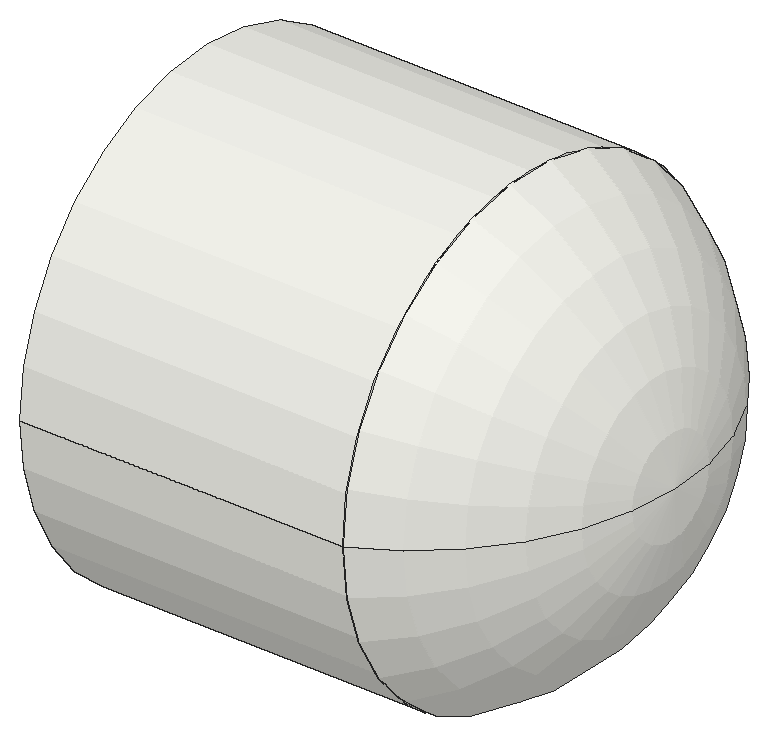
Revit family "Cap", category Pipe Fittings, Revit 2025
Family settings
  Round Connector Dimension = Use Radius
  Part Type = Cap
  OmniClass Number = 23.60.30.11.14
  OmniClass Title = Pipework Fittings
  Work Plane-Based = No
  Always vertical = Yes
  Cut with Voids When Loaded = No
  Shared = No
Parameters
  Socket Length [instance] = size_lookup(Lookup Table Name, "SLgt", 0.44 * Nominal Diameter + 161/256", Nominal Diameter)  # 3/4"
  Radius 1 [instance] = (Height - Socket Length) / 2 + 0.5 * (Socket Outside Radius ^ 2) / (Height - Socket Length)  # 0.6068"
  Nominal Radius [instance] = 1/4"
  Nominal Diameter [instance] = Nominal Radius * 2  # 1/2"
  Loss Method = Not Defined
  Lookup Table Name = "Cap - PVC - Sch 40"
  Length 1 [instance] = sqrt((Radius 1 - (Height - Socket Length)) ^ 2 + Socket Outside Radius ^ 2)  # 0.6068"
  Height [instance] = size_lookup(Lookup Table Name, "Hgt", 0.67 * Nominal Diameter + 215/256", Nominal Diameter)  # 1.09"
  Socket Outside Radius [instance] = Socket Outside Diameter / 2  # 0.545"
  Socket Outside Diameter [instance] = size_lookup(Lookup Table Name, "SOD", 1.11 * Nominal Diameter + 69/128", Nominal Diameter)  # 1.09"
  Default Elevation = 0.000 m
Reference planes (m)
  plane 1 "Center (Front/Back)": y = 0
  plane 2: z = 0
  plane 3 "Center (Left/Right)": x = 0
  plane 4: x = 0.01905
  plane 5: x = 0.027686
  plane 6: y = 0.013843
  plane 7: x = 0.012273
  plane 8: x = 0.027686
Forms (m)
  Extrusion 1, solid, material "PVC", detail levels fine
    sketch origin (0, 0, 0) x (0, 1, 0) y (0, 0, 1)
      loop
        circle (0, 0) r 0.013843
    from 0 to 0.01905
  Revolve 2, solid, material "PVC", detail levels fine
    sketch origin (0, 0, 0) x (1, 0, 0) y (0, 1, 0)
      loop
        line (0.01905, 0.013843) -> (0.01905, 0) -> (0.027686, 0)
        arc (0.027686, 0) -> (0.02535, 0.008158) -> (0.01905, 0.013843) r 0.015413
      axis (0.01905, 0) -> (0.027686, 0)
    angle from 0 to 360
Lines and regions (m)
  model lines, detail levels coarse+medium
    curve 1: line (0, 0.013843, 0) -> (0.027686, 0.013843, 0)
    curve 2: line (0.027686, 0.013843, 0) -> (0.027686, -0.013843, 0)
    curve 3: line (0.027686, -0.013843, 0) -> (0, -0.013843, 0)
Dimensions and locks (m)
  "Socket Length": plane 3 "Center (Left/Right)" to plane 4
  "Height": plane 3 "Center (Left/Right)" to plane 5
  equal spacing: curve 3, plane 1 "Center (Front/Back)", curve 1
  "Socket Outside Radius": plane 1 "Center (Front/Back)" to curve 1
  "Socket Outside Radius": plane 1 "Center (Front/Back)" to plane 6
  "Radius 1": plane 7 to plane 5
  "Length 1": plane 7 to plane 8
  "Socket Outside Radius": radius of Extrusion 1 sketch curve
  aligned and locked: level to Extrusion 1 sketch curve
  aligned and locked: plane 1 "Center (Front/Back)" to Extrusion 1 sketch curve
  aligned and locked: plane 4 to Extrusion 1
  aligned and locked: Extrusion 1 to plane 3 "Center (Left/Right)"
  aligned and locked: curve 2 to plane 5
  aligned and locked: plane 3 "Center (Left/Right)" to curve 1
  aligned and locked: plane 3 "Center (Left/Right)" to curve 3
  aligned and locked: plane 1 "Center (Front/Back)" to Revolve 2 sketch curve  (x4)
  aligned and locked: plane 7 to Revolve 2 sketch curve  (x2)
  aligned and locked: plane 4 to Revolve 2 sketch curve  (x3)
  aligned and locked: plane 6 to Revolve 2 sketch curve
Connectors (m)
  piping at (0, 0, 0), diameter 0.0127, driven by "Nominal Radius"
    settings: on Extrusion 1, index 1, connector inside diameter 1/2", connector length 0.000 m, flow factor 0, pipe flow 0 GPM, pressure drop 0.00 psi, fitting loss kfactor 0, connector angle 0.00°, fixture units 0, engagement length 0.000 m, angle of deflection 0.00°, flow configuration 0, flow direction 0, fitting loss method 0, system type 28, joint type 0, gender type 0, connector reference index -1, connector utility 0, adjustable connector no, is connector primary yes, connector description ""
